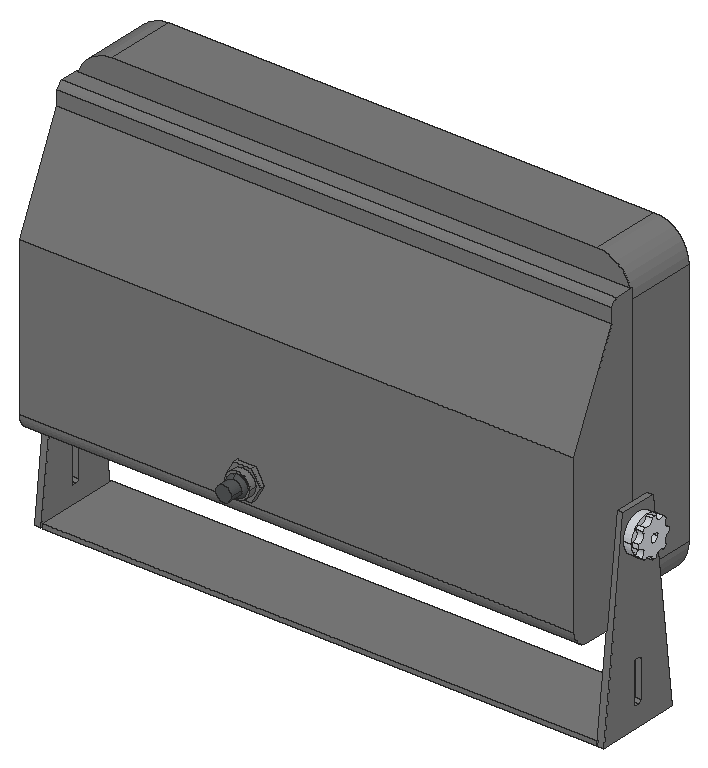
Revit family "WALL WASHER PRO_LV363WW.60", category Luminarias, Revit 2019 (continued)
Parameters (values of type "REFL_LV363WW.60")
    .09   235.83   188.56   141.30   110.67   96.69    \r\n 82.70    76.87    71.03    65.20    59.37    53.53    47.70    41.87    36.03    30.20    \r\n 24.37    18.53    12.70    9.45     8.79     8.12     7.46     6.80     6.14     5.47     \r\n 4.81     \r\n5.38     6.43     7.48     8.53     9.58     10.63    11.68    12.73    16.17    21.99    \r\n 27.81    33.63    39.44    45.26    51.08    56.90    62.72    68.54    74.36    80.18    \r\n 86.00    104.40   122.80   168.29   240.87   313.45   386.03   458.61   531.19   603.77   \r\n 676.35   963.07   1249.79  1536.52  1823.24  2109.97  2396.69  2683.41  3021.73  3411.63  \r\n 3801.54  4080.17  4358.80  4523.30  4573.65  4624.01  4413.94  4203.88  3922.20  3568.91  \r\n 3215.62  2818.66  2421.70  2108.34  1878.58  1648.82  1419.07  1189.31  959.55   729.79   \r\n 500.03   449.49   398.95   348.42   297.88   247.34   196.80   146.26   113.66   98.99    \r\n 84.33    78.37    72.41    66.46    60.50    54.55    48.59    42.63    36.68    30.72    \r\n 24.76    18.81    12.85    9.54     8.86     8.19     7.51     6.84     6.16     5.49     \r\n 4.81     \r\n5.41     6.46     7.52     8.58     9.64     10.70    11.75    12.81    16.33    22.31    \r\n 28.29    34.27    40.25    46.24    52.22    58.20    64.18    70.16    76.14    82.12    \r\n 88.10    107.52   126.93   175.64   253.63   331.63   409.63   487.62   565.62   643.61   \r\n 721.61   1037.17  1352.73  1668.29  1983.85  2299.41  2614.96  2930.52  3306.85  3743.95  \r\n 4181.05  4497.88  4814.71  5000.43  5055.03  5109.62  4873.49  4637.35  4317.88  3915.07  \r\n 3512.27  3077.68  2643.09  2299.27  2046.24  1793.20  1540.16  1287.12  1034.08  781.04   \r\n 528.00   474.17   420.34   366.51   312.68   258.84   205.01   151.18   116.66   101.45   \r\n 86.24    80.13    74.03    67.93    61.82    55.72    49.62    43.52    37.41    31.31    \r\n 25.21    19.10    13.00    9.61     8.92     8.24     7.55     6.86     6.18     5.49     \r\n 4.81     \r\n5.42     6.49     7.56     8.63     9.70     10.78    11.85    12.92    16.52    22.66    \r\n 28.80    34.94    41.08    47.22    53.35    59.49    65.63    71.77    77.91    84.05    \r\n 90.18    110.59   131.00   183.00   266.59   350.19   433.78   517.37   600.96   684.55   \r\n 768.14   1114.62  1461.10  1807.58  2154.06  2500.54  2847.02  3193.51  3611.66  4101.48  \r\n 4591.29  4942.94  5294.59  5502.27  5565.98  5629.69  5364.15  5098.61  4740.41  4289.55  \r\n 3838.70  3353.69  2868.68  2488.33  2212.64  1936.95  1661.26  1385.57  1109.88  834.20   \r\n 558.51   501.02   443.54   386.05   328.57   271.08   213.59   156.11   119.50   103.77   \r\n 88.04    81.80    75.56    69.32    63.08    56.84    50.60    44.36    38.12    31.88    \r\n 25.64    19.40    13.16    9.69     8.99     8.29     7.59     6.89     6.19     5.49     \r\n 4.79     \r\n5.41     6.49     7.58     8.66     9.75     10.83    11.92    13.00    16.69    22.97    \r\n 29.26    35.55    41.83    48.12    54.40    60.69    66.97    73.26    79.55    85.83    \r\n 92.12    113.65   135.18   190.51   279.63   368.74   457.86   546.98   636.09   725.21   \r\n 814.33   1192.14  1569.94  1947.75  2325.56  2703.37  3081.17  3458.98  3921.00  4467.22  \r\n 5013.45  5401.38  5789.31  6019.51  6091.98  6164.46  5868.44  5572.43  5173.38  4671.29  \r\n 4169.20  3636.63  3104.05  2687.74  2387.67  2087.61  1787.55  1487.49  1187.42  887.36   \r\n 587.30   526.43   465.57   404.71   343.84   282.98   222.11   161.25   122.57   106.09   \r\n 89.60    83.24    76.88    70.52    64.16    57.80    51.44    45.08    38.72    32.36    \r\n 26.00    19.64    13.29    9.75     9.05     8.34     7.64     6.93     6.23     5.52     \r\n 4.81     \r\n5.41     6.50     7.60     8.70     9.79     10.89    11.99    13.09    16.85    23.28    \r\n 29.72    36.15    42.59    49.02    55.45    61.89    68.32    74.75    81.19    87.62    \r\n 94.06    116.66   139.26   197.84   292.40   386.96   481.52   576.09   670.65   765.21   \r\n 859.77   1270.27  1680.77  2091.26  2501.76  2912.25  3322.75  3733.25  4238.09  4837.29  \r\n 5436.48  5872.60  6308.73  6565.24  6642.13  6719.02  6392.08  6065.13  5623.32  5066.66  \r\n 4510.00  3925.33  3340.65  2886.11  2561.70  2237.30  1912.89  1588.49  1264.09  939.68   \r\n 615.28   551.08   486.87   422.67   358.47   294.27   230.06   165.86   125.27   108.29   \r\n 91.32    84.83    78.33    71.84    65.35    58.86    52.36    45.87    39.38    32.89    \r\n 26.39    19.90    13.41    9.81     9.09     8.38     7.66     6.95     6.23     5.52     \r\n 4.80     \r\n5.42     6.53     7.63     8.74     9.85     10.95    12.06    13.16    17.00    23.58    \r\n 30.16    36.73    43.31    49.89    56.46    63.04    69.61    76.19    82.77    89.34    \r\n 95.92    119.61   143.29   205.16   305.21   405.26   505.32   605.37   705.42   805.47   \r\n 905.52   1349.29  1793.05  2236.82  2680.58  3124.35  3568.11  4011.88  4562.83  5220.95  \r\n 5879.08  6357.65  6836.23  7117.27  7200.78  7284.28  6925.61  6566.94  6081.22  5468.45  \r\n 4855.67  4216.71  3577.76  3083.96  2735.34  2386.71  2038.08  1689.45  1340.82  992.19   \r\n 643.57   576.01   508.44   440.88   373.32   305.76   238.20   170.64   128.09   110.55   \r\n 93.00    86.38    79.76    73.14    66.52    59.90    53.28    46.66    40.03    33.41    \r\n 26.79    20.17    13.55    9.88     9.16     8.43     7.71     6.98     6.26     5.54     \r\n 4.81     \r\n5.40     6.52     7.64     8.76     9.88     11.00    12.12    13.25    17.16    23.85    \r\n 30.55    37.25    43.95    50.65    57.35    64.04    70.74    77.44    84.14    90.84    \r\n 97.54    122.31   147.08   211.94   316.89   421.84   526.79   631.74   736.69   841.64   \r\n 946.59   1422.55  1898.50  2374.45  2850.40  3326.35  3802.30  4278.26  4875.70  5594.64  \r\n 6313.57  6834.38  7355.19  7663.92  7760.59  7857.25  7462.91  7068.56  6534.61  5861.06  \r\n 5187.52  4499.75  3811.99  3281.51  2908.31  2535.11  2161.91  1788.71  1415.51  1042.31  \r\n 669.11   598.62   528.13   457.64   387.15   316.66   246.17   175.68   131.26   112.90   \r\n 94.54    87.80    81.06    74.32    67.58    60.84    54.10    47.36    40.62    33.88    \r\n 27.15    20.41    13.67    9.93     9.20     8.46     7.73     7.00     6.26     5.53     \r\n 4.80     \r\n5.41     6.54     7.67     8.80     9.93     11.06    12.19    13.31    17.29    24.12    \r\n 30.95    37.78    44.61    51.44    58.27    65.10    71.93    78.76    85.59    92.42    \r\n 99.25    124.87   150.49   218.37   328.50   438.63   548.76   658.89   769.02   879.15   \r\n 989.28   1498.31  2007.34  2516.37  3025.40  3534.43  4043.46  4552.49  5194.11  5968.32  \r\n 6742.53  7308.54  7874.56  8212.95  8323.73  8434.51  8002.71  7570.92  6988.69  6256.02  \r\n 5523.35  4781.29  4039.22  3469.80  3073.04  2676.28  2279.52  1882.75  1485.99  1089.23  \r\n 692.47   619.21   545.96   472.70   399.45   326.19   252.94   179.68   133.67   114.89   \r\n 96.11    89.25    82.39    75.53    68.67    61.81    54.95    48.09    41.24    34.38    \r\n 27.52    20.66    13.80    10.00    9.26     8.51     7.77     7.03     6.28     5.54     \r\n 4.79     \r\n5.42     6.56     7.69     8.83     9.97     11.11    12.25    13.39    17.43    24.37    \r\n 31.31    38.26    45.20    52.14    59.09    66.03    72.97    79.91    86.86    93.80    \r\n 100.74   127.18   153.62   224.14   338.72   453.31   567.89   682.48   797.06   911.64   \r\n 1026.23  1565.70  2105.16  2644.63  3184.09  3723.56  4263.03  4802.49  5488.39  6320.73  \r\n 7153.07  7765.57  8378.08  8743.55  8861.99  8980.44  8513.01  8045.58  7418.56  6631.95  \r\n 5845.34  5051.50  4257.67  3651.17  3232.02  2812.87  2393.71  1974.56  1555.41  1136.25  \r\n 717.10   641.01   564.92   488.83   412.74   336.65   260.56   184.47   136.61   116.98   \r\n 97.34    90.39    83.44    76.49    69.54    62.59    55.63    48.68    41.73    34.78    \r\n 27.83    20.88    13.92    10.07    9.32     8.57     7.82     7.07     6.32     5.56     \r\n 4.81     \r\n5.41     6.56     7.71     8.86     10.01    11.16    12.31    13.46    17.56    24.60    \r\n 31.64    38.69    45.73    52.78    59.82    66.87    73.91    80.95    88.00    95.04    \r\n 102.09   129.51   156.94   230.05   348.86   467.67   586.48   705.29   824.09   942.90   \r\n 1061.71  1631.61  2201.51  2771.42  3341.32  3911.22  4481.12  5051.02  5777.24  6659.78  \r\n 7542.33  8198.42  8854.52  9246.90  9375.55  9504.20  9002.09  8499.98  7830.01  6992.19  \r\n 6154.36  5312.15  4469.94  3827.97  3386.22  2944.48  2502.73  2060.99  1619.24  1177.50  \r\n 735.75   657.55   579.35   501.15   422.94   344.74   266.54   188.34   139.14   118.94   \r\n 98.74    91.68    84.62    77.56    70.51    63.45    56.39    49.33    42.27    35.21    \r\n 28.15    21.09    14.03    10.12    9.36     8.60     7.84     7.07     6.31     5.55     \r\n 4.79     \r\n5.42     6.57     7.73     8.88     10.04    11.20    12.35    13.51    17.65    24.79    \r\n 31.93    39.06    46.20    53.33    60.47    67.61    74.74    81.88    89.01    96.15    \r\n 103.29   131.16   159.04   234.29   356.91   479.53   602.15   724.77   847.39   970.01   \r\n 1092.63  1689.38  2286.13  2882.89  3479.64  4076.39  4673.14  5269.89  6036.65  6973.41  \r\n 7910.18  8603.14  9296.10  9708.79  9841.22  9973.64  9445.18  8916.73  8207.66  7317.98  \r\n 6428.30  5541.75  4655.19  3981.58  3520.93  3060.28  2599.63  2138.98  1678.33  1217.68  \r\n 757.03   676.25   595.47   514.68   433.90   353.12   272.34   191.56   140.88   120.28   \r\n 99.69    92.56    85.43    78.30    71.17    64.04    56.91    49.78    42.65    35.52    \r\n 28.39    21.26    14.13    10.18    9.41     8.64     7.87     7.10     6.33     5.56     \r\n 4.79     \r\n5.41     6.57     7.73     8.89     10.05    11.21    12.37    13.54    17.72    24.93    \r\n 32.15    39.36    46.57    53.79    61.00    68.21    75.43    82.64    89.85    97.06    \r\n 104.28   132.91   161.54   238.97   365.20   491.42   617.65   743.87   870.10   996.32   \r\n 1122.55  1744.52  2366.49  2988.46  3610.42  4232.39  4854.36  5476.33  6279.40  7263.55  \r\n 8247.71  8966.52  9685.33  10112.82 10248.99 10385.15 9842.11  9299.07  8560.76  7627.18  \r\n 6693.60  5763.96  4834.31  4129.80  3650.41  3171.02  2691.64  2212.25  1732.86  1253.48  \r\n 774.09   691.38   608.68   525.97   443.27   360.56   277.86   195.15   143.19   121.97   \r\n 100.74   93.53    86.32    79.11    71.90    64.69    57.48    50.27    43.06    35.85    \r\n 28.63    21.42    14.21    10.22    9.45     8.67     7.90     7.12     6.35     5.57     \r\n 4.80     \r\n5.41     6.58     7.75     8.92     10.08    11.25    12.42    13.59    17.82    25.10    \r\n 32.38    39.66    46.94    54.22    61.50    68.79    76.07    83.35    90.63    97.91    \r\n 105.19   134.24   163.28   242.48   371.83   501.18   630.53   759.88   889.22   1018.57  \r\n 1147.92  1791.14  2434.37  3077.59  3720.81  4364.03  5007.26  5650.48  6484.59  7509.60  \r\n 8534.60  9279.69  10024.77 10463.39 10595.53 10727.67 10175.65 9623.63  8860.11  7885.08  \r\n 6910.06  5943.64  4977.22  4247.09  3753.27  3259.44  2765.61  2271.79  1777.96  1284.14  \r\n 790.31   705.65   620.99   536.32   451.66   367.00   282.34   197.68   144.57   123.03   \r\n 101.49   94.22    86.95    79.68    72.41    65.14    57.87    50.60    43.33    36.06    \r\n 28.79    21.53    14.26    10.23    9.45     8.67     7.90     7.12     6.34     5.56     \r\n 4.78     \r\n5.43     6.60     7.77     8.93     10.10    11.27    12.44    13.61    17.86    25.18    \r\n 32.51    39.83    47.15    54.48    61.80    69.13    76.45    83.77    91.10    98.42    \r\n 105.74   135.11   164.48   245.06   376.86   508.66   640.46   772.26   904.06   1035.86  \r\n 1167.66  1828.66  2489.66  3150.66  3811.66  4472.66  5133.67  5794.67  6653.82  7711.13  \r\n 8768.43  9530.84  10293.24 10743.44 10881.43 11019.42 10459.09 9898.76  9112.83  8101.30  \r\n 7089.77  6095.50  5101.24  4350.68  3843.84  3337.00  2830.16  2323.32  1816.48  1309.63  \r\n 802.79   716.67   630.55   544.43   458.30   372.18   286.06   199.94   145.94   124.06   \r\n 102.19   94.87    87.55    80.22    72.90    65.58    58.26    50.94    43.62    36.30    \r\n 28.97    21.65    14.33    10.28    9.49     8.71     7.93     7.14     6.36     5.57     \r\n 4.79     \r\n5.44     6.61     7.79     8.96     10.14    11.31    12.48    13.66    17.92    25.28    \r\n 32.64    39.99    47.35    54.71    62.06    69.42    76.78    84.13    91.49    98.85    \r\n 106.20   135.71   165.23   246.98   380.97   514.97   648.96   782.95   916.95   1050.94  \r\n 1184.93  1859.07  2533.21  3207.36  3881.50  4555.64  5229.78  5903.92  6783.01  7867.05  \r\n 8951.10  9721.11  10491.12 10944.05 11079.90 11215.75 10655.00 10094.25 9299.06  8269.42  \r\n 7239.79  6219.70  5199.61  4431.23  3914.56  3397.89  2881.23  2364.56  1847.89  1331.23  \r\n 814.56   727.05   639.53   552.02   464.51   376.99   289.48   201.97   147.09   124.84   \r\n 102.59   95.24    87.89    80.53    73.18    65.83    58.48    51.12    43.77    36.42    \r\n 29.07    21.72    14.36    10.30    9.51     8.72     7.94     7.15     6.36     5.58     \r\n 4.79     \r\n5.45     6.62     7.79     8.97     10.14    11.31    12.49    13.66    17.93    25.30    \r\n 32.66    40.03    47.40    54.76    62.13    69.49    76.86    84.23    91.59    98.96    \r\n 106.32   136.10   165.87   248.46   383.86   519.27   654.67   790.08   925.48   1060.89  \r\n 1196.30  1879.06  2561.83  3244.59  3927.36  4610.12  5292.89  5975.65  6867.12  7967.30  \r\n 9067.48  9843.89  10620.30 11077.13 11214.36 11351.59 10792.02 10232.44 9430.77  8387.01  \r\n 7343.25  6303.30  5263.36  4481.94  3959.06  3436.17  2913.29  2390.40  1867.52  1344.63  \r\n 821.75   733.40   645.06   556.71   468.37   380.02   291.67   203.33   147.91   125.42   \r\n 102.94   95.56    88.18    80.80    73.42    66.03    58.65    51.27    43.89    36.51    \r\n 29.13    21.75    14.37    10.29    9.50     8.72     7.93     7.15     6.36     5.58     \r\n 4.79     \r\n5.45     6.63     7.81     8.98     10.16    11.34    12.51    13.69    17.96    25.33    \r\n 32.69    40.06    47.42    54.79    62.15    69.52    76.88    84.25    91.61    98.97    \r\n 106.34   136.23   166.11   249.11   385.22   521.32   657.43   793.53   929.64   1065.75  \r\n 1201.85  1888.23  2574.60  3260.98  3947.36  4633.73  5320.11  6006.48  6903.86  8012.23  \r\n 9120.60  9904.11  10687.61 11147.35 11283.33 11419.32 10864.27 10309.22 9502.02  8442.69  \r\n 7383.35  6341.58  5299.81  4515.44  3988.47  3461.50  2934.52  2407.55  1880.58  1353.61  \r\n 826.64   737.59   648.55   559.50   470.46   381.41   292.37   203.32   147.68   125.43   \r\n 103.18   95.78    88.38    80.98    73.58    66.18    58.78    51.37    43.97    36.57    \r\n 29.17    21.77    14.37    10.28    9.49     8.70     7.92     7.13     6.35     5.56     \r\n 4.78     \r\n5.45     6.62     7.80     8.97     10.15    11.32    12.50    13.68    17.93    25.26    \r\n 32.59    39.92    47.26    54.59    61.92    69.25    76.58    83.91    91.24    98.57    \r\n 105.91   135.56   165.21   248.31   384.86   521.40   657.94   794.48   931.03   1067.57  \r\n 1204.11  1889.86  2575.60  3261.34  3947.09  4632.83  5318.57  6004.32  6901.40  8009.83  \r\n 9118.25  9901.12  10683.98 11139.24 11266.87 11394.51 10850.28 10306.05 9502.76  8440.41  \r\n 7378.06  6338.83  5299.60  4516.60  3989.82  3463.04  2936.26  2409.49  1882.71  1355.93  \r\n 829.15   739.91   650.68   561.45   472.21   382.98   293.74   204.51   148.55   125.86   \r\n 103.17   95.77    88.37    80.97    73.57    66.17    58.77    51.37    43.96    36.56    \r\n 29.16    21.76    14.36    10.27    9.48     8.70     7.91     7.13     6.34     5.56     \r\n 4.78     \r\n5.44     6.62     7.80     8.98     10.16    11.34    12.52    13.70    17.94    25.24    \r\n 32.55    39.85    47.15    54.46    61.76    69.06    76.37    83.67    90.97    98.28    \r\n 105.58   134.96   164.34   247.17   383.45   519.72   656.00   792.28   928.56   1064.83  \r\n 1201.11  1881.74  2562.37  3243.00  3923.63  4604.26  5284.89  5965.52  6854.70  7952.41  \r\n 9050.13  9829.07  10608.01 11061.41 11189.29 11317.16 10776.91 10236.66 9437.51  8379.45  \r\n 7321.39  6295.62  52
